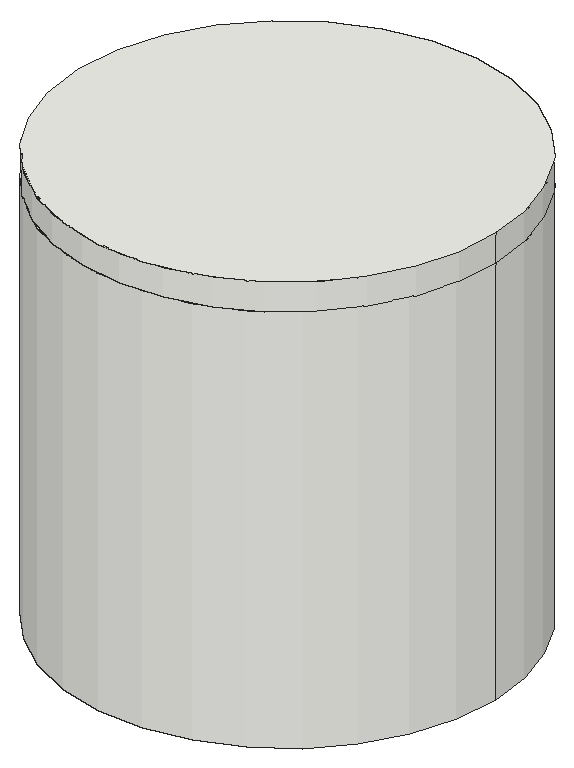
Revit family
Parameters (values of type "200mm 100 watt Incandescent")
  Wattage = 12.1178 W
  built-in parameter 1150110 = 1 (stored number, unit not read)
  built-in parameter 1114217 = 1 (stored number, unit not read)
  built-in parameter 1150109 = 1 (stored number, unit not read)
  built-in parameter 1150134 = 3
  built-in parameter 1150113 = 1 (stored number, unit not read)
  Material = Metal - Paint Finish - Ivory,Glossy
  built-in parameter 1150105 = 143.24 (stored number, unit not read)
  built-in parameter 1150115 = 1 (stored number, unit not read)
  Light Source Symbol Size = 609.6 mm
  built-in parameter 1150137 = (empty or 0)
  built-in parameter 1150139 = (empty or 0)
  built-in parameter 1150112 = 1 (stored number, unit not read)
  built-in parameter 1150114 = 1 (stored number, unit not read)
  Keynote = "V"
  built-in parameter 1150132 = 2
  built-in parameter 1150102 = (empty or 0)
  built-in parameter 1150107 = 3200 (stored number, unit not read)
  built-in parameter 1150138 = (empty or 0)
  built-in parameter 1150106 = 1.4324 (stored number, unit not read)
  built-in parameter 1150104 = 13.8 (stored number, unit not read)
  Dimming Lamp Color Temperature Shift = (empty or 0)
  Color Filter = 16777215
  built-in parameter 1114218 = 1 (stored number, unit not read)
  built-in parameter 1150133 = 10 (stored number, unit not read)
  Assembly Code = ""
  Depth = 200 mm
  Diameter = 200 mm
  Lamp = "A-21"
  Lumens = 1800 lm
  Wattage Comments = "100"
Types (3, lengths in mm): name | Wattage | built-in parameter 1150105 | built-in parameter 1150106 | Diameter | Lamp | Lumens | Wattage Comments
  (no name) | 12.1178 W | 143.24 (stored number, unit not read) | 1.4324 (stored number, unit not read) | 200 | "A-21" | 1800 lm | "100"
  150mm  60 watt Incandescent | 7.27067 W | 85.944 (stored number, unit not read) | 0.85944 (stored number, unit not read) | 150 | "A-19" | 1080 lm | "60"
  200mm 100 watt Incandescent | 12.1178 W | 143.24 (stored number, unit not read) | 1.4324 (stored number, unit not read) | 200 | "A-21" | 1800 lm | "100"
Reference planes
  plane 1 "Light Source Axis": y = 0
  plane 2 "Ceiling": z = 2438.4
  plane 3 "Light Source Axis": x = 0
  plane 4: x = 100
  plane 5: x = -100
  plane 6: z = 2638.4
  plane 7 "Light Source Elevation": z = 2514.6
Forms (mm)
  Extrusion 1, solid, material "Metal - Paint Finish - Ivory,Glossy" <- "Material"
    sketch origin (0, 0, 2438.4) x (1, 0, 0) y (0, 1, 0)
      loop
        circle (0, 0) r 100
      loop
        circle (0, 0) r 87.3
    from 0 to 187.3
  Extrusion 2, solid, material "Metal - Paint Finish - Ivory,Glossy" <- "Material"
    sketch origin (0, 0, 2625.7) x (1, 0, 0) y (0, 1, 0)
      loop
        circle (0, 0) r 100
    from 0 to 12.7
  Extrusion 3, solid, material "Metal - Paint Finish - Ivory,Glossy" <- "Material"
    sketch origin (0, 0, 2438.4) x (0, 1, 0) y (1, 0, 0)
      loop
        line (0, 100) -> (0, -100)
        arc (0, -100) -> (100, 0) -> (0, 100) r 100
    from 0 to -6.35
Cuts and joins
  joined: Extrusion 1, Extrusion 3
Lines and regions (mm)
  Opening 1
    outline origin (0, 0, 2438.4) x (1, 0, 0) y (0, 1, 0)
      loop
        circle (0, 0) r 100
  sketch lines
    curve 1: line (-1524, 1524, 0) -> (1524, 1524, 0)
    curve 2: line (-1524, 1524, 0) -> (-1524, -1524, 0)
    curve 3: line (-1524, -1524, 0) -> (1524, -1524, 0)
    curve 4: line (1524, 1524, 0) -> (1524, -1524, 0)
  symbolic lines
    curve 5: arc (100, 0, 2438.4) -> (0, 100, 2438.4) -> (-100, 0, 2438.4) r 100
    curve 6: arc (-100, 0, 2438.4) -> (0, -100, 2438.4) -> (100, 0, 2438.4) r 100
    curve 7: line (-100, -76.2, 0) -> (0, -161.988, 0)
    curve 8: line (100, -76.2, 0) -> (0, -161.988, 0)
Dimensions and locks
  equal spacing: curve 2, plane 3 "Light Source Axis", curve 4
  equal spacing: curve 3, plane 1 "Light Source Axis", curve 1
  curve 2 to curve 4 = 3048 mm
  curve 3 to curve 1 = 3048 mm
  equal spacing: plane 5, plane 3 "Light Source Axis", plane 4
  "Diameter": plane 5 to plane 4
  "Depth": plane 6 to plane 2 "Ceiling"
  locked: plane 6 to Extrusion 1 at 12.7
  locked: plane 7 "Light Source Elevation" to plane 2 "Ceiling" at 76.2
  aligned and locked: Extrusion 2 to plane 6
  aligned and locked: Extrusion 2 to Extrusion 1
  aligned and locked: Extrusion 3 sketch curve to Extrusion 1
  aligned and locked: plane 3 "Light Source Axis" to imposter light
  aligned and locked: plane 1 "Light Source Axis" to imposter light
  aligned and locked: plane 7 "Light Source Elevation" to imposter light
Automatic sketch dimensions
  Opening 1 sketch curve to plane 1 "Light Source Axis" = 0 mm
  Opening 1 sketch curve to plane 5 = 0 mm
  Opening 1 sketch curve to plane 3 "Light Source Axis" = 0 mm  (x2)
  Extrusion 1 sketch curve to plane 1 "Light Source Axis" = 0 mm  (x2)
  Extrusion 1 sketch curve to plane 5 = 0 mm
  Extrusion 1 sketch curve to plane 3 "Light Source Axis" = 0 mm  (x3)
  Extrusion 1 sketch curve to plane 5 = 12.7 mm
  Extrusion 2 sketch curve to plane 1 "Light Source Axis" = 0 mm
  Extrusion 2 sketch curve to plane 5 = 0 mm
  Extrusion 2 sketch curve to plane 3 "Light Source Axis" = 0 mm  (x2)
  curve 6 to plane 1 "Light Source Axis" = 0 mm
  curve 6 to plane 5 = 0 mm
  curve 7 to plane 5 = 0 mm
  curve 8 to plane 3 "Light Source Axis" = 0 mm
  curve 5 to plane 3 "Light Source Axis" = 0 mm
  curve 8 to plane 4 = 0 mm
  curve 8 to curve 5 = 76.2 mm
  plane 1 "Light Source Axis" to curve 7 = 76.2 mm
  curve 8 to curve 8 = 85.788 mm
